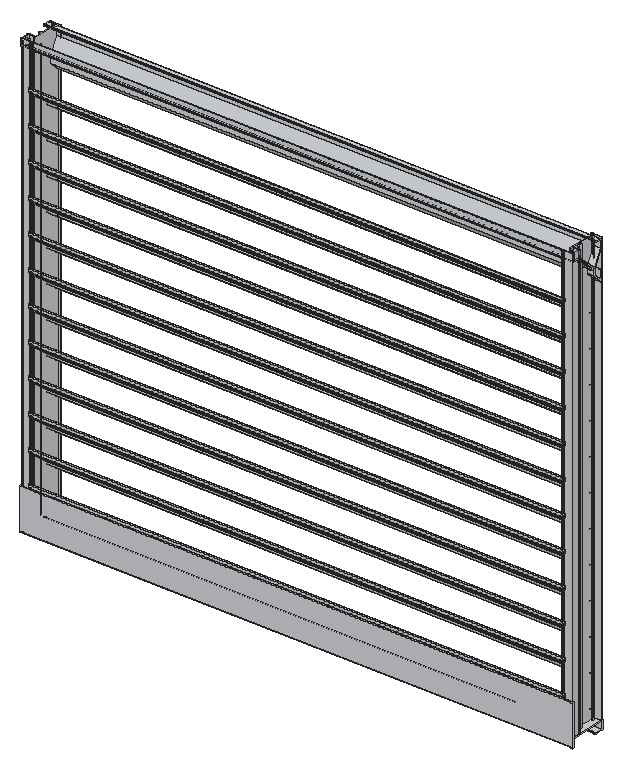
Revit family
Parameters (values of type "00000-Air Balance-013009-Ver1-A430")
  Blade Array = (Height - (4 1/4" + 3/16")) / 3 1/2"  # 12
  URL = "www.airbalance.com"
  Rough Width = 45 89/128"
  OmniClass Table 23 Title = "Exterior Louvers and Grilles"
  OmniClass Table 23 Code = "23-30 60 11 17"
  Model = "A430"
  Manufacturer = "Air Balance"
  Height = 48"
  Description = "Extruded Aluminum Stationary Louver"
  Default Sill Height = 36"
  Wall Closure = (empty or 0)
  Width = 60"
  Blade Width = Width - (29/32" * 2)  # 58 3/16"
  Assembly Code = ""
Reference planes (in)
  plane 1 "Center (Front/Back)": y = 0
  plane 2: z = 0
  plane 3 "Center (Left/Right)": x = 0
  plane 4 "Sill": z = 11.75
  plane 5 "Top": z = 59.75
  plane 6: z = 13
  plane 7: y = 3
  plane 8: x = -30
  plane 9: x = 30
  plane 10: x = -29.09307
  plane 11: x = 29.09443
  plane 12: y = 2.763
  plane 13: z = 53.5
  plane 14: z = 50
Forms (in)
  Sweep 1, solid
    path in 3D
      loop
        line (30, 3, 12.75) -> (30, 3, 59.75)
    profile origin (30, 3, 36.25) x (0, 1, 0) y (-1, 0, 0)
      loop
        line (-2.35327, 0.82723) -> (-2.29365, 0.78096)
        arc (-2.29365, 0.78096) -> (-2.26982, 0.76966) -> (-2.26413, 0.7439) r 0.03
        arc (-2.26413, 0.7439) -> (-2.18179, 0.58169) -> (-2.00873, 0.63775) r 0.14
        arc (-2.00873, 0.63775) -> (-2.02026, 0.68589) -> (-2.06839, 0.67436) r 0.035
        arc (-2.06839, 0.67436) -> (-2.18884, 0.67625) -> (-2.12928, 0.78096) r 0.07
        line (-2.12928, 0.78096) -> (-2.00952, 0.78096)
        arc (-2.00952, 0.78096) -> (-1.98283, 0.79595) -> (-1.98175, 0.82654) r 0.03125
        line (-1.98175, 0.82654) -> (-0.37651, 0.82654)
        arc (-0.37651, 0.82654) -> (-0.31503, 0.72174) -> (-0.43648, 0.71803) r 0.07064
        arc (-0.43648, 0.71803) -> (-0.4846, 0.72881) -> (-0.49547, 0.68071) r 0.0349
        arc (-0.49547, 0.68071) -> (-0.32174, 0.62669) -> (-0.24133, 0.78989) r 0.14001
        arc (-0.24133, 0.78989) -> (-0.23595, 0.81571) -> (-0.21226, 0.8273) r 0.03
        line (-0.21226, 0.8273) -> (-0.07894, 0.8273) -> (-0.07894, 0.03879)
        arc (-0.07894, 0.03879) -> (-0.03832, -0.00069) -> (0, 0.04102) r 0.0395
        line (0, 0.04102) -> (0, 0.31172) -> (0, 1.22429)
        arc (0, 1.22429) -> (-0.02545, 1.24929) -> (-0.04998, 1.22339) r 0.025
        line (-0.04998, 1.22339) -> (-0.04998, 0.90622) -> (-3.22197, 0.90617)
        arc (-3.22197, 0.90617) -> (-3.24697, 0.88101) -> (-3.22165, 0.85617) r 0.025
        line (-3.22165, 0.85617) -> (-3.0048, 0.85617) -> (-3.0048, 0.15923) -> (-3.5649, 0.15923) -> (-3.5649, 0.65923) -> (-3.6402, 0.65923) -> (-3.6402, 0.15923) -> (-3.83499, 0.15923) -> (-3.83499, 1.24934) -> (-3.91902, 1.24934) -> (-3.91902, 1.16209) -> (-3.89001, 1.14534) -> (-3.89001, 0.97791) -> (-3.91896, 0.95791) -> (-3.91896, 0.08069) -> (-3.16895, 0.08069) -> (-3.16895, 0.03917)
        arc (-3.16895, 0.03917) -> (-3.12894, -0.00033) -> (-3.08996, 0.04019) r 0.0395
        line (-3.08996, 0.04019) -> (-3.08996, 0.08069) -> (-2.97596, 0.08069)
        arc (-2.97596, 0.08069) -> (-2.93304, 0.09877) -> (-2.91598, 0.14211) r 0.06
        line (-2.91598, 0.14211) -> (-2.91598, 0.82723) -> (-2.35327, 0.82723)
  Sweep 2, solid
    path in 3D
      loop
        line (-30, 3, 59.75) -> (-30, 3, 12.75)
    profile origin (-30, 3, 36.25) x (1, 0, 0) y (0, 1, 0)
      loop
        line (0.82794, -2.35357) -> (0.82794, -2.91628) -> (0.14281, -2.91628)
        arc (0.14281, -2.91628) -> (0.09948, -2.93334) -> (0.0814, -2.97626) r 0.06
        line (0.0814, -2.97626) -> (0.0814, -3.09027) -> (0.0409, -3.09027)
        arc (0.0409, -3.09027) -> (0.00038, -3.12924) -> (0.03987, -3.16925) r 0.0395
        line (0.03987, -3.16925) -> (0.08139, -3.16925) -> (0.08139, -3.91926) -> (0.95862, -3.91926) -> (0.97862, -3.89032) -> (1.14605, -3.89032) -> (1.1628, -3.91933) -> (1.25005, -3.91933) -> (1.25005, -3.83529) -> (0.15994, -3.83529) -> (0.15994, -3.64051) -> (0.65994, -3.64051) -> (0.65994, -3.5652) -> (0.15994, -3.5652) -> (0.15994, -3.0051) -> (0.85688, -3.0051) -> (0.85688, -3.22195)
        arc (0.85688, -3.22195) -> (0.88171, -3.24728) -> (0.90688, -3.22228) r 0.025
        line (0.90688, -3.22228) -> (0.90693, -0.05029) -> (1.2241, -0.05029)
        arc (1.2241, -0.05029) -> (1.25, -0.02575) -> (1.225, -0.0003) r 0.025
        line (1.225, -0.0003) -> (0.31243, -0.0003) -> (0.04173, -0.0003)
        arc (0.04173, -0.0003) -> (0.00002, -0.03862) -> (0.0395, -0.07924) r 0.0395
        line (0.0395, -0.07924) -> (0.82801, -0.07924) -> (0.82801, -0.21256)
        arc (0.82801, -0.21256) -> (0.81642, -0.23625) -> (0.7906, -0.24164) r 0.03
        arc (0.7906, -0.24164) -> (0.6274, -0.32204) -> (0.68142, -0.49578) r 0.14001
        arc (0.68142, -0.49578) -> (0.72952, -0.4849) -> (0.71874, -0.43678) r 0.0349
        arc (0.71874, -0.43678) -> (0.72244, -0.31533) -> (0.82725, -0.37681) r 0.07064
        line (0.82725, -0.37681) -> (0.82725, -1.98205)
        arc (0.82725, -1.98205) -> (0.79666, -1.98313) -> (0.78167, -2.00982) r 0.03125
        line (0.78167, -2.00982) -> (0.78167, -2.12958)
        arc (0.78167, -2.12958) -> (0.67696, -2.18914) -> (0.67507, -2.0687) r 0.07
        arc (0.67507, -2.0687) -> (0.6866, -2.02056) -> (0.63846, -2.00903) r 0.035
        arc (0.63846, -2.00903) -> (0.5824, -2.18209) -> (0.74461, -2.26443) r 0.14
        arc (0.74461, -2.26443) -> (0.77037, -2.27013) -> (0.78167, -2.29395) r 0.03
        line (0.78167, -2.29395) -> (0.82794, -2.35357)
  Sweep 3, solid
    path in 3D
      loop
        line (30, 3, 59.75) -> (-30, 3, 59.75)
    profile origin (0, 3, 59.75) x (0, 1, 0) y (0, 0, -1)
      loop
        line (-1.11377, 3.3153) -> (-1.11377, 2.62021) -> (-1.32342, 2.43603)
        arc (-1.32342, 2.43603) -> (-1.43764, 2.47571) -> (-1.34692, 2.55565) r 0.07
        arc (-1.34692, 2.55565) -> (-1.31532, 2.57151) -> (-1.33118, 2.60311) r 0.025
        arc (-1.33118, 2.60311) -> (-1.47677, 2.54188) -> (-1.43557, 2.3894) r 0.12
        arc (-1.43557, 2.3894) -> (-1.42184, 2.36567) -> (-1.43231, 2.34033) r 0.031
        line (-1.43231, 2.34033) -> (-3.06584, 0.90466)
        arc (-3.06584, 0.90466) -> (-3.09231, 0.89754) -> (-3.11408, 0.91419) r 0.031
        arc (-3.11408, 0.91419) -> (-3.26001, 0.97464) -> (-3.33943, 0.83811) r 0.12
        arc (-3.33943, 0.83811) -> (-3.31013, 0.81832) -> (-3.29034, 0.84762) r 0.025
        arc (-3.29034, 0.84762) -> (-3.19941, 0.92733) -> (-3.17473, 0.80896) r 0.07
        line (-3.17473, 0.80896) -> (-3.24399, 0.748) -> (-3.86469, 0.748)
        arc (-3.86469, 0.748) -> (-3.88666, 0.73895) -> (-3.89577, 0.717) r 0.031
        line (-3.89577, 0.717) -> (-3.89577, 0) -> (-3.84577, 0) -> (-3.84577, 0.671) -> (-3.21497, 0.671) -> (-1.08374, 2.54408) -> (-0.25577, 0.96899) -> (-0.25577, 0.158) -> (-0.79377, 0.158)
        arc (-0.79377, 0.158) -> (-0.81648, 0.14912) -> (-0.82677, 0.127) r 0.03276
        line (-0.82677, 0.127) -> (-0.82677, 0.024)
        arc (-0.82677, 0.024) -> (-0.80177, 0) -> (-0.77677, 0.024) r 0.02502
        line (-0.77677, 0.024) -> (-0.77677, 0.081) -> (-0.20977, 0.081)
        arc (-0.20977, 0.081) -> (-0.18785, 0.09008) -> (-0.17877, 0.112) r 0.031
        line (-0.17877, 0.112) -> (-0.17877, 0.988) -> (-1.03677, 2.62021) -> (-1.03677, 3.28057) -> (-0.25577, 4.06157) -> (-0.25577, 3.0395)
        arc (-0.25577, 3.0395) -> (-0.21727, 3.001) -> (-0.17877, 3.0395) r 0.0385
        line (-0.17877, 3.0395) -> (-0.17877, 4.2503) -> (-1.11377, 3.3153)
  Sweep 4, solid
    path in 3D
      loop
        line (-30, 3, 11.75) -> (30, 3, 11.75)
    profile origin (0, 3, 11.75) x (0, 1, 0) y (0, 0, 1)
      loop
        line (-3.923, 0.923) -> (-0.077, 0.923) -> (-0.077, 0.158) -> (-0.796, 0.158)
        arc (-0.796, 0.158) -> (-0.81792, 0.14892) -> (-0.827, 0.127) r 0.031
        line (-0.827, 0.127) -> (-0.827, 0.0385)
        arc (-0.827, 0.0385) -> (-0.7885, 0) -> (-0.75, 0.0385) r 0.0385
        line (-0.75, 0.0385) -> (-0.75, 0.081) -> (-0.03, 0.081)
        arc (-0.03, 0.081) -> (-0.00879, 0.08979) -> (0, 0.111) r 0.03
        line (0, 0.111) -> (0, 0.97)
        arc (0, 0.97) -> (-0.00879, 0.99121) -> (-0.03, 1) r 0.03
        line (-0.03, 1) -> (-3.923, 1) -> (-3.923, 4.4615)
        arc (-3.923, 4.4615) -> (-3.9615, 4.5) -> (-4, 4.4615) r 0.0385
        line (-4, 4.4615) -> (-4, 0.033)
        arc (-4, 0.033) -> (-3.99112, 0.01028) -> (-3.969, 0) r 0.03276
        line (-3.969, 0) -> (-3.862, 0)
        arc (-3.862, 0) -> (-3.838, 0.025) -> (-3.862, 0.05) r 0.02502
        line (-3.862, 0.05) -> (-3.923, 0.05) -> (-3.923, 0.923)
Lines and regions (in)
  Opening 1
    outline origin (-60, -3, 0) x (1, 0, 0) y (0, 0, 1)
      loop
        line (30, 59.75) -> (30, 11.75) -> (90, 11.75) -> (90, 59.75) -> (30, 59.75)
  sketch lines
    curve 1: line (30, 3, 12.75) -> (30, 3, 59.75)
    curve 2: line (-30, 3, 59.75) -> (-30, 3, 12.75)
    curve 3: line (30, 3, 59.75) -> (-30, 3, 59.75)
    curve 4: line (-30, 3, 11.75) -> (30, 3, 11.75)
Text (in)
  text "EXTERIOR" at (-58.6888, 50.90694, 0), in view "Ref. Level"
  text "INTERIOR" at (-58.6888, -37.76638, 0), in view "Ref. Level"
  text "Exterior" at (0, 43.65631, 123.19604), in view "Left"
  text "Exterior" at (0, 6.79526, 82.36627), in view "Right"
Dimensions and locks (in)
  host wall to plane 7 = 0"
  locked: plane 12 to plane 7 at 0.237
  locked: plane 13 to plane 5 "Top" at 6.25
  locked: plane 14 to plane 13 at 3.5
  "Height": plane 4 "Sill" to plane 5 "Top"
  equal spacing: plane 8, plane 3 "Center (Left/Right)", plane 9
  locked: plane 8 to plane 10 at 0.90693
  locked: plane 11 to plane 9 at 0.90557
  "Width": plane 8 to plane 9
  equal spacing: group 1, group 2, group 3, group 4, group 5, group 6, group 7, group 8, group 9, group 10, group 11, group 12  (x2)
  equal spacing: group 12, group 11, group 10, group 9, group 8, group 7, group 6, group 5, group 4, group 3, group 2, group 1
  aligned and locked: plane 7 to host wall
  aligned and locked: nested 1 to plane 12  (x2)
  aligned and locked: plane 13 to nested 1
  aligned and locked: plane 14 to nested 2
  aligned and locked: plane 10 to nested 1
  aligned and locked: plane 10 to nested 2
  aligned and locked: nested 2 to plane 12
Automatic sketch dimensions
  Opening 1 sketch curve to plane 4 "Sill" = 0"
  Opening 1 sketch curve to plane 8 = 0"
  Opening 1 sketch curve to plane 9 = 0"
  Opening 1 sketch curve to plane 5 "Top" = 0"
  Sweep 1 sketch curve to Sweep 1 sketch curve = 0"  (x9)
  Sweep 1 sketch curve to profile plane = 0"
  profile plane to Sweep 1 sketch curve = 0.025"
  profile plane to Sweep 1 sketch curve = 0.03944"
  profile plane to Sweep 1 sketch curve = 0.04998"
  profile plane to Sweep 1 sketch curve = 0.03879"
  Sweep 1 sketch curve to Sweep 1 sketch curve = 0.0395"  (x2)
  Sweep 1 sketch curve to Sweep 1 sketch curve = 0.13332"
  Sweep 1 sketch curve to Sweep 1 sketch curve = 0.02907"
  Sweep 1 sketch curve to Sweep 1 sketch curve = 0.13518"
  Sweep 1 sketch curve to Sweep 1 sketch curve = 0.00034"
  Sweep 1 sketch curve to Sweep 1 sketch curve = 0.00015"
  Sweep 1 sketch curve to Sweep 1 sketch curve = 0.05947"
  Sweep 1 sketch curve to Sweep 1 sketch curve = 0.02946"
  Sweep 1 sketch curve to Sweep 1 sketch curve = 0.02953"
  Sweep 1 sketch curve to Sweep 1 sketch curve = 1.48627"
  Sweep 1 sketch curve to Sweep 1 sketch curve = 0.02698"
  Sweep 1 sketch curve to Sweep 1 sketch curve = 0.02777"
  Sweep 1 sketch curve to Sweep 1 sketch curve = 0.02983"
  Sweep 1 sketch curve to Sweep 1 sketch curve = 0.05966"
  Sweep 1 sketch curve to Sweep 1 sketch curve = 0.00122"
  Sweep 1 sketch curve to Sweep 1 sketch curve = 0.13485"
  Sweep 1 sketch curve to Sweep 1 sketch curve = 0.02916"
  Sweep 1 sketch curve to Sweep 1 sketch curve = 0.00036"
  profile plane to Sweep 1 sketch curve = 0.82723"
  Sweep 1 sketch curve to Sweep 1 sketch curve = 0.05961"
  profile plane to Sweep 1 sketch curve = 0.14211"
  Sweep 1 sketch curve to Sweep 1 sketch curve = 0.62269"
  Sweep 1 sketch curve to Sweep 1 sketch curve = 0.05998"
  Sweep 1 sketch curve to Sweep 1 sketch curve = 0.08883"
  profile plane to Sweep 1 sketch curve = 0.04019"
  Sweep 1 sketch curve to Sweep 1 sketch curve = 0.11401"
  Sweep 1 sketch curve to Sweep 1 sketch curve = 0.03949"
  Sweep 1 sketch curve to Sweep 1 sketch curve = 0.21685"
  Sweep 1 sketch curve to Sweep 1 sketch curve = 0.00033"
  Sweep 1 sketch curve to Sweep 1 sketch curve = 0.34325"
  Sweep 1 sketch curve to Sweep 1 sketch curve = 0.07531"
  Sweep 1 sketch curve to Sweep 1 sketch curve = 0.19479"
  profile plane to Sweep 1 sketch curve = 1.14534"
  Sweep 1 sketch curve to Sweep 1 sketch curve = 0.05502"
  Sweep 1 sketch curve to Sweep 1 sketch curve = 0.08397"
  Sweep 1 sketch curve to Sweep 1 sketch curve = 0.08404"
  Sweep 1 sketch curve to Sweep 1 sketch curve = 0.04152"
  Sweep 1 sketch curve to Sweep 1 sketch curve = 0.0405"
  profile plane to Sweep 1 sketch curve = 0.15923"
  Sweep 1 sketch curve to Sweep 1 sketch curve = 0.01853"
  Sweep 1 sketch curve to Sweep 1 sketch curve = 0.27069"
  Sweep 1 sketch curve to Sweep 1 sketch curve = 0.18948"
  Sweep 1 sketch curve to Sweep 1 sketch curve = 0.0183"
  Sweep 1 sketch curve to Sweep 1 sketch curve = 1/2"
  Sweep 1 sketch curve to Sweep 1 sketch curve = 0.36899"
  Sweep 1 sketch curve to Sweep 1 sketch curve = 0.0186"
  Sweep 1 sketch curve to Sweep 1 sketch curve = 0.02894"
  Sweep 1 sketch curve to Sweep 1 sketch curve = 0.025"
  Sweep 1 sketch curve to Sweep 1 sketch curve = 0.07892"
  Sweep 1 sketch curve to Sweep 1 sketch curve = 0.18743"
  Sweep 1 sketch curve to Sweep 1 sketch curve = 0.02"
  Sweep 1 sketch curve to Sweep 1 sketch curve = 0.01675"
  Sweep 1 sketch curve to Sweep 1 sketch curve = 0.31717"
  Sweep 1 sketch curve to Sweep 1 sketch curve = 0.104"
  Sweep 2 sketch curve to Sweep 2 sketch curve = 0"  (x8)
  profile plane to Sweep 2 sketch curve = 0.0395"
  profile plane to Sweep 2 sketch curve = 0.03987"
  Sweep 2 sketch curve to Sweep 2 sketch curve = 0.00103"
  profile plane to Sweep 2 sketch curve = 0.0003"
  Sweep 2 sketch curve to Sweep 2 sketch curve = 0.00223"
  Sweep 2 sketch curve to Sweep 2 sketch curve = 0.04152"
  Sweep 2 sketch curve to Sweep 2 sketch curve = 0.0405"
  Sweep 2 sketch curve to Sweep 2 sketch curve = 0.06"
  Sweep 2 sketch curve to Sweep 2 sketch curve = 0.00141"
  profile plane to Sweep 2 sketch curve = 0.15994"
  Sweep 2 sketch curve to Sweep 2 sketch curve = 0.01853"
  Sweep 2 sketch curve to Sweep 2 sketch curve = 0.27069"
  profile plane to Sweep 2 sketch curve = 0.63846"
  Sweep 2 sketch curve to Sweep 2 sketch curve = 0.0183"
  Sweep 2 sketch curve to Sweep 2 sketch curve = 1/2"
  Sweep 2 sketch curve to Sweep 2 sketch curve = 0.36899"
  Sweep 2 sketch curve to Sweep 2 sketch curve = 0.0186"
  Sweep 2 sketch curve to Sweep 2 sketch curve = 0.03661"
  Sweep 2 sketch curve to Sweep 2 sketch curve = 0.01871"
  Sweep 2 sketch curve to Sweep 2 sketch curve = 0.03294"
  Sweep 2 sketch curve to Sweep 2 sketch curve = 0.00706"
  Sweep 2 sketch curve to Sweep 2 sketch curve = 0.0373"
  Sweep 2 sketch curve to Sweep 2 sketch curve = 0.00057"
  Sweep 2 sketch curve to Sweep 2 sketch curve = 0.1066"
  Sweep 2 sketch curve to Sweep 2 sketch curve = 0.03"  (x2)
  Sweep 2 sketch curve to Sweep 2 sketch curve = 0.03399"
  Sweep 2 sketch curve to Sweep 2 sketch curve = 0.00741"
  Sweep 2 sketch curve to Sweep 2 sketch curve = 1/32"
  Sweep 2 sketch curve to Sweep 2 sketch curve = 0.07064"
  Sweep 2 sketch curve to Sweep 2 sketch curve = 0.04627"
  Sweep 2 sketch curve to Sweep 2 sketch curve = 0.02894"
  Sweep 2 sketch curve to Sweep 2 sketch curve = 0.025"  (x2)
  profile plane to Sweep 2 sketch curve = 0.05029"
  Sweep 2 sketch curve to Sweep 2 sketch curve = 0.07892"
  Sweep 2 sketch curve to Sweep 2 sketch curve = 0.29868"
  Sweep 2 sketch curve to Sweep 2 sketch curve = 0.02"
  Sweep 2 sketch curve to Sweep 2 sketch curve = 0.16743"
  Sweep 2 sketch curve to Sweep 2 sketch curve = 0.01675"
  Sweep 2 sketch curve to Sweep 2 sketch curve = 0.31717"
  Sweep 2 sketch curve to Sweep 2 sketch curve = 0.0009"
  Sweep 2 sketch curve to Sweep 2 sketch curve = 0.104"
  Sweep 2 sketch curve to Sweep 2 sketch curve = 0.07894"
  Sweep 2 sketch curve to Sweep 2 sketch curve = 0.13332"
  Sweep 2 sketch curve to Sweep 2 sketch curve = 1.48627"
  Sweep 2 sketch curve to Sweep 2 sketch curve = 0.00079"
  Sweep 2 sketch curve to Sweep 2 sketch curve = 0.02983"
  Sweep 2 sketch curve to Sweep 2 sketch curve = 0.05961"
  Sweep 2 sketch curve to Sweep 2 sketch curve = 0.62269"
  Sweep 2 sketch curve to Sweep 2 sketch curve = 0.08883"
  Sweep 2 sketch curve to Sweep 2 sketch curve = 0.11401"
  Sweep 2 sketch curve to Sweep 2 sketch curve = 0.03949"
  Sweep 2 sketch curve to Sweep 2 sketch curve = 0.21685"
  Sweep 2 sketch curve to Sweep 2 sketch curve = 0.00033"
  Sweep 2 sketch curve to Sweep 2 sketch curve = 0.34325"
  Sweep 2 sketch curve to Sweep 2 sketch curve = 0.07531"
  Sweep 2 sketch curve to Sweep 2 sketch curve = 0.19479"
  Sweep 2 sketch curve to Sweep 2 sketch curve = 0.05502"
  Sweep 2 sketch curve to Sweep 2 sketch curve = 0.08397"
  Sweep 2 sketch curve to Sweep 2 sketch curve = 0.08404"
  Sweep 3 sketch curve to profile plane = 0"
  profile plane to Sweep 3 sketch curve = 3.89577"
  Sweep 3 sketch curve to Sweep 3 sketch curve = 0.031"
  Sweep 3 sketch curve to Sweep 3 sketch curve = 0.00008"
  Sweep 3 sketch curve to Sweep 3 sketch curve = 0.019"
  Sweep 3 sketch curve to Sweep 3 sketch curve = 0.52526"
  Sweep 3 sketch curve to Sweep 3 sketch curve = 0"  (x9)
  Sweep 3 sketch curve to Sweep 3 sketch curve = 0.02454"  (x2)
  profile plane to Sweep 3 sketch curve = 0.748"
  Sweep 3 sketch curve to Sweep 3 sketch curve = 0.04634"
  Sweep 3 sketch curve to Sweep 3 sketch curve = 0.06872"
  Sweep 3 sketch curve to Sweep 3 sketch curve = 0.02903"
  profile plane to Sweep 3 sketch curve = 0.80896"
  Sweep 3 sketch curve to Sweep 3 sketch curve = 3/64"
  Sweep 3 sketch curve to Sweep 3 sketch curve = 0.10754"
  Sweep 3 sketch curve to Sweep 3 sketch curve = 0.02778"
  profile plane to Sweep 3 sketch curve = 0.90466"
  Sweep 3 sketch curve to Sweep 3 sketch curve = 0.02046"  (x2)
  profile plane to Sweep 3 sketch curve = 1.45278"
  Sweep 3 sketch curve to Sweep 3 sketch curve = 0.01721"
  Sweep 3 sketch curve to Sweep 3 sketch curve = 0.06662"
  Sweep 3 sketch curve to Sweep 3 sketch curve = 0.02203"
  Sweep 3 sketch curve to Sweep 3 sketch curve = 0.00787"  (x2)
  Sweep 3 sketch curve to Sweep 3 sketch curve = 0.04553"
  Sweep 3 sketch curve to Sweep 3 sketch curve = 0.21741"
  Sweep 3 sketch curve to Sweep 3 sketch curve = 0.03003"
  Sweep 3 sketch curve to Sweep 3 sketch curve = 0.077"  (x2)
  profile plane to Sweep 3 sketch curve = 0.127"
  profile plane to Sweep 3 sketch curve = 0.82677"
  Sweep 3 sketch curve to Sweep 3 sketch curve = 0.025"
  Sweep 3 sketch curve to Sweep 3 sketch curve = 0.03271"
  Sweep 3 sketch curve to Sweep 3 sketch curve = 0.00029"
  Sweep 3 sketch curve to Sweep 3 sketch curve = 0.01729"
  profile plane to Sweep 3 sketch curve = 0.25577"  (x2)
  Sweep 3 sketch curve to Sweep 3 sketch curve = 0.0385"
  Sweep 3 sketch curve to Sweep 3 sketch curve = 0.046"  (x2)
  profile plane to Sweep 3 sketch curve = 0.024"
  Sweep 3 sketch curve to Sweep 3 sketch curve = 0.00102"
  profile plane to Sweep 3 sketch curve = 0.081"
  Sweep 3 sketch curve to Sweep 3 sketch curve = 0.00176"
  Sweep 3 sketch curve to Sweep 3 sketch curve = 0.81099"
  Sweep 3 sketch curve to Sweep 3 sketch curve = 0.01901"
  Sweep 3 sketch curve to Sweep 3 sketch curve = 1.37134"
  Sweep 3 sketch curve to Sweep 3 sketch curve = 0.02328"
  Sweep 3 sketch curve to Sweep 3 sketch curve = 0.05903"
  Sweep 3 sketch curve to Sweep 3 sketch curve = 0.07612"
  Sweep 3 sketch curve to Sweep 3 sketch curve = 0.41929"
  Sweep 3 sketch curve to Sweep 3 sketch curve = 0.66037"
  Sweep 3 sketch curve to Sweep 3 sketch curve = 0.03472"
  Sweep 3 sketch curve to Sweep 3 sketch curve = 1.02207"
  Sweep 3 sketch curve to Sweep 3 sketch curve = 0.18872"
  profile plane to Sweep 4 sketch curve = 4"
  profile plane to Sweep 4 sketch curve = 0"
  Sweep 4 sketch curve to Sweep 4 sketch curve = 0.031"  (x2)
  profile plane to Sweep 4 sketch curve = 0.03272"
  Sweep 4 sketch curve to Sweep 4 sketch curve = 0.03276"
  Sweep 4 sketch curve to Sweep 4 sketch curve = 0.0385"  (x2)
  Sweep 4 sketch curve to Sweep 4 sketch curve = 0.04424"
  Sweep 4 sketch curve to Sweep 4 sketch curve = 0.05998"
  Sweep 4 sketch curve to Sweep 4 sketch curve = 0.00102"  (x2)
  profile plane to Sweep 4 sketch curve = 0.0385"
  profile plane to Sweep 4 sketch curve = 0.827"
  profile plane to Sweep 4 sketch curve = 0.077"
  profile plane to Sweep 4 sketch curve = 0.03"  (x2)
  Sweep 4 sketch curve to profile plane = 0"
  profile plane to Sweep 4 sketch curve = 0.025"
  profile plane to Sweep 4 sketch curve = 0.081"
  Sweep 4 sketch curve to Sweep 4 sketch curve = 0.046"
  Sweep 4 sketch curve to Sweep 4 sketch curve = 0.765"
  Sweep 4 sketch curve to Sweep 4 sketch curve = 0.047"
  Sweep 4 sketch curve to Sweep 4 sketch curve = 3.4615"
Nested families (in)
  nested 1: "A430 LOUVER" at (-11.96807, 0.88552, 51.67038), width <- "Blade Width", type "Family3"
    with width 58 3/16", Blade Material none
  nested 2: "A430 LOUVER" at (-11.96807, 0.88552, 48.17038), width <- "Blade Width", type "Family3"
    with width 58 3/16", Blade Material none
  nested 3: "A430 LOUVER" at (-11.96807, 0.88552, 44.67038), width <- "Blade Width", type "Family3"
    with width 58 3/16", Blade Material none
  nested 4: "A430 LOUVER" at (-11.96807, 0.88552, 41.17038), width <- "Blade Width", type "Family3"
    with width 58 3/16", Blade Material none
  nested 5: "A430 LOUVER" at (-11.96807, 0.88552, 37.67038), width <- "Blade Width", type "Family3"
    with width 58 3/16", Blade Material none
  nested 6: "A430 LOUVER" at (-11.96807, 0.88552, 34.17038), width <- "Blade Width", type "Family3"
    with width 58 3/16", Blade Material none
  nested 7: "A430 LOUVER" at (-11.96807, 0.88552, 30.67038), width <- "Blade Width", type "Family3"
    with width 58 3/16", Blade Material none
  nested 8: "A430 LOUVER" at (-11.96807, 0.88552, 27.17038), width <- "Blade Width", type "Family3"
    with width 58 3/16", Blade Material none
  nested 9: "A430 LOUVER" at (-11.96807, 0.88552, 23.67038), width <- "Blade Width", type "Family3"
    with width 58 3/16", Blade Material none
  nested 10: "A430 LOUVER" at (-11.96807, 0.88552, 20.17038), width <- "Blade Width", type "Family3"
    with width 58 3/16", Blade Material none
  nested 11: "A430 LOUVER" at (-11.96807, 0.88552, 16.67038), width <- "Blade Width", type "Family3"
    with width 58 3/16", Blade Material none
  nested 12: "A430 LOUVER" at (-11.96807, 0.88552, 13.17038), width <- "Blade Width", type "Family3"
    with width 58 3/16", Blade Material none
Definition of nested family "A430 LOUVER"
  Parameters (values of type "Family3")
    width [instance] = 34 1/4"
    Blade Width = 34 1/4"
    Blade Material [instance] = none
    Assembly Code = ""
  Reference planes (in)
    plane 1 "Center (Front/Back)": y = 0
    plane 2: z = 0
    plane 3 "Center (Left/Right)": x = 0
    plane 4: x = -17.125
    plane 5: x = 17.125
    plane 6: z = 3.5
    plane 7: z = 1.82962
    plane 8: y = -1.83952
    plane 9: y = 1.87748
  Forms (in)
    Extrusion 1, solid, material <- "Blade Material"
      sketch origin (0, 0, -75.20946) x (0, 1, 0) y (0, 0, 1)
        loop
          arc (-0.18366, 76.95486) -> (-0.14187, 76.97408) -> (-0.09815, 76.95977) r 0.063
          line (-0.09815, 76.95977) -> (0.66215, 76.32915)
          arc (0.66215, 76.32915) -> (0.67299, 76.30536) -> (0.66105, 76.2821) r 0.03
          arc (0.66105, 76.2821) -> (0.62686, 76.09562) -> (0.80986, 76.04606) r 0.14
          arc (0.80986, 76.04606) -> (0.82477, 76.09326) -> (0.77757, 76.10817) r 0.035
          arc (0.77757, 76.10817) -> (0.67548, 76.17543) -> (0.78633, 76.22699) r 0.07
          line (0.78633, 76.22699) -> (1.79848, 75.66305) -> (1.79848, 75.24896)
          arc (1.79848, 75.24896) -> (1.83798, 75.20946) -> (1.87748, 75.24896) r 0.0395
          line (1.87748, 75.24896) -> (1.87748, 75.70946) -> (0.82811, 76.29414) -> (-0.96814, 77.78401)
          arc (-0.96814, 77.78401) -> (-1.01801, 77.9063) -> (-1.14741, 77.9327) r 0.14
          line (-1.14741, 77.9327) -> (-1.76052, 78.44124) -> (-1.76052, 78.66996)
          arc (-1.76052, 78.66996) -> (-1.80002, 78.70946) -> (-1.83952, 78.66996) r 0.0395
          line (-1.83952, 78.66996) -> (-1.83952, 78.40412) -> (-1.23682, 77.90422)
          arc (-1.23682, 77.90422) -> (-1.22649, 77.88667) -> (-1.22975, 77.86656) r 0.03
          arc (-1.22975, 77.86656) -> (-1.24409, 77.82874) -> (-1.24701, 77.7884) r 0.14
          arc (-1.24701, 77.7884) -> (-1.20957, 77.75603) -> (-1.1772, 77.79347) r 0.035
          arc (-1.1772, 77.79347) -> (-1.0673, 77.85594) -> (-1.08811, 77.73125) r 0.07
          arc (-1.08811, 77.73125) -> (-1.11212, 77.68797) -> (-1.06883, 77.66396) r 0.035
          arc (-1.06883, 77.66396) -> (-1.04198, 77.67476) -> (-1.01792, 77.69086) r 0.14
          arc (-1.01792, 77.69086) -> (-0.99876, 77.69778) -> (-0.9796, 77.69087) r 0.03
          line (-0.9796, 77.69087) -> (-0.64491, 77.41327)
          arc (-0.64491, 77.41327) -> (-0.62275, 77.37295) -> (-0.63391, 77.32832) r 0.063
          line (-0.63391, 77.32832) -> (-0.59665, 77.37324) -> (-0.1464, 76.99979) -> (-0.18366, 76.95486)
      from -17.125 to 17.125
  Dimensions and locks (in)
    "width": plane 4 to plane 5
    aligned and locked: plane 4 to Extrusion 1
    aligned and locked: plane 5 to Extrusion 1
  Automatic sketch dimensions
    Extrusion 1 sketch curve to Extrusion 1 sketch curve = 0"  (x23)
    Extrusion 1 sketch curve to plane 8 = 0"
    Extrusion 1 sketch curve to plane 9 = 0"
    Extrusion 1 sketch curve to Extrusion 1 sketch curve = 0.0395"
    plane 8 to Extrusion 1 sketch curve = 0.58355"
    Extrusion 1 sketch curve to Extrusion 1 sketch curve = 0.00896"
    Extrusion 1 sketch curve to Extrusion 1 sketch curve = 0.01915"  (x3)
    Extrusion 1 sketch curve to Extrusion 1 sketch curve = 0.02622"
    Extrusion 1 sketch curve to Extrusion 1 sketch curve = 0.03491"
    Extrusion 1 sketch curve to Extrusion 1 sketch curve = 0.08941"
    Extrusion 1 sketch curve to Extrusion 1 sketch curve = 0.06982"
    Extrusion 1 sketch curve to Extrusion 1 sketch curve = 0.01928"
    Extrusion 1 sketch curve to Extrusion 1 sketch curve = 0.00964"
    Extrusion 1 sketch curve to Extrusion 1 sketch curve = 0.05091"
    Extrusion 1 sketch curve to Extrusion 1 sketch curve = 0.01917"
    Extrusion 1 sketch curve to Extrusion 1 sketch curve = 0.01146"
    Extrusion 1 sketch curve to Extrusion 1 sketch curve = 0.31352"
    Extrusion 1 sketch curve to Extrusion 1 sketch curve = 0.04032"
    Extrusion 1 sketch curve to plane 7 = 0.28924"
    Extrusion 1 sketch curve to Extrusion 1 sketch curve = 0.05132"
    Extrusion 1 sketch curve to Extrusion 1 sketch curve = 0.03726"  (x2)
    plane 7 to Extrusion 1 sketch curve = 0.08421"
    plane 1 "Center (Front/Back)" to Extrusion 1 sketch curve = 0.18366"
    plane 7 to Extrusion 1 sketch curve = 0.03929"
    Extrusion 1 sketch curve to Extrusion 1 sketch curve = 0.0454"
    Extrusion 1 sketch curve to Extrusion 1 sketch curve = 0.04825"
    Extrusion 1 sketch curve to plane 1 "Center (Front/Back)" = 0.643"
    Extrusion 1 sketch curve to Extrusion 1 sketch curve = 0.01805"
    Extrusion 1 sketch curve to Extrusion 1 sketch curve = 0.08424"
    Extrusion 1 sketch curve to Extrusion 1 sketch curve = 0.03229"
    Extrusion 1 sketch curve to Extrusion 1 sketch curve = 0.04104"
    Extrusion 1 sketch curve to Extrusion 1 sketch curve = 0.01614"
    Extrusion 1 sketch curve to Extrusion 1 sketch curve = 0.04178"
    Extrusion 1 sketch curve to plane 9 = 0.079"
    Extrusion 1 sketch curve to Extrusion 1 sketch curve = 0.04368"
    plane 7 to Extrusion 1 sketch curve = 0.70992"
    Extrusion 1 sketch curve to Extrusion 1 sketch curve = 0.02309"
    Extrusion 1 sketch curve to Extrusion 1 sketch curve = 0.06716"
    level to Extrusion 1 sketch curve = 1/2"
    Extrusion 1 sketch curve to Extrusion 1 sketch curve = 0.04641"
    level to Extrusion 1 sketch curve = 0.0395"
    Extrusion 1 sketch curve to Extrusion 1 sketch curve = 0.03655"
    Extrusion 1 sketch curve to Extrusion 1 sketch curve = 0.04493"
    Extrusion 1 sketch curve to Extrusion 1 sketch curve = 0.2991"
    Extrusion 1 sketch curve to Extrusion 1 sketch curve = 0.00382"
    Extrusion 1 sketch curve to Extrusion 1 sketch curve = 0.09313"
    plane 6 to Extrusion 1 sketch curve = 0.30533"
    Extrusion 1 sketch curve to Extrusion 1 sketch curve = 0.03711"
    plane 6 to Extrusion 1 sketch curve = 0.0395"
